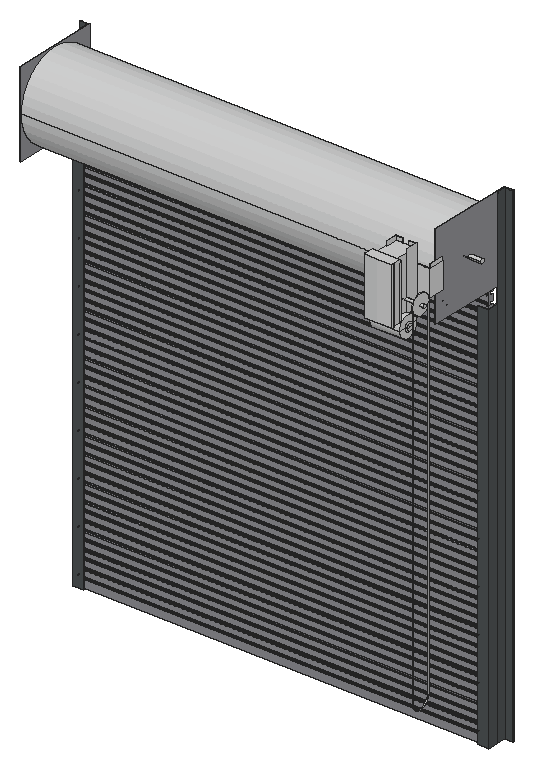
Revit family "Stormtite-AP-Rolling-Steel-Service-Doors_OHD_Model-627_compact", category Specialty Equipment, host Wall, Revit 2023 (continued)
Definition of nested family "Motor"
  Definition of nested family "2D_NotScalableMain_29e791da-3db9-4234-ab15-44456784202b"
    Lines and regions (in)
      Masking region 3, in view "Ref. Level", visible <- "Face Mount"
        outline origin (0, 0, 0) x (1, 0, 0) y (0, 1, 0)
          loop
            line (-3.108, 1.46193) -> (-2.988, 1.46193) -> (-2.988, 4.96193) -> (2.988, 4.96193) -> (2.988, 1.46193) -> (3.108, 1.46193) -> (3.108, 5.08193) -> (7.2495, 5.08193) -> (7.2495, 9.82193) -> (6.8795, 9.82193) -> (6.8795, 5.33193) -> (7.1295, 5.33193) -> (7.1295, 5.20193) -> (-2.988, 5.20193) -> (-2.988, 5.08193) -> (-3.108, 5.08193) -> (-3.108, 1.46193)
      Masking region 4, in view "Ref. Level", visible <- "Top + Bench"
        outline origin (0, 0, 0) x (1, 0, 0) y (0, 1, 0)
          loop
            line (-6.9985, -0.96741) -> (-5.7485, -0.96741) -> (-5.7485, -0.30491) -> (-5.5274, -0.30491) -> (-5.5274, -1.76746) -> (-5.42825, -1.86661) -> (-4.5757, -1.86661) -> (-4.5757, -3.22517) -> (4.57, -3.22517) -> (4.57, -1.27241) -> (4.799, -1.27241) -> (4.799, -0.84111) -> (5.199, -0.84111) -> (5.199, 0.84111) -> (4.799, 0.84111) -> (4.799, 1.27241) -> (4.57, 1.27241) -> (4.57, 3.22034) -> (4.3324, 3.22034) -> (4.3324, 6.13) -> (7.2495, 6.13) -> (7.2495, 3.53) -> (7.52, 3.53) -> (7.52, 6.13) -> (8.82, 6.13) -> (8.82, 6.93) -> (7.52, 6.93) -> (7.52, 9.53) -> (7.2495, 9.53) -> (7.2495, 6.93) -> (4.3324, 6.93) -> (4.3324, 19.24819) -> (3.108, 19.24819) -> (3.108, 20.0298) -> (0.988, 20.0298) -> (0.988, 19.24819) -> (-0.988, 19.24819) -> (-0.988, 20.0298) -> (-3.108, 20.0298) -> (-3.108, 19.24819) -> (-4.3324, 19.24819) -> (-4.3324, 3.22517) -> (-4.5757, 3.22517) -> (-4.5757, 1.86661) -> (-5.42825, 1.86661) -> (-5.5274, 1.76746) -> (-5.5274, 0.30491) -> (-5.7485, 0.30491) -> (-5.7485, 0.96741) -> (-6.9985, 0.96741) -> (-6.9985, -0.96741)
      Masking region 5, in view "Ref. Level", visible <- "Top Mount"
        outline origin (0, 0, 0) x (1, 0, 0) y (0, 1, 0)
          loop
            line (4.3324, 14.55771) -> (4.3324, 6.93) -> (7.2495, 6.93) -> (7.2495, 14.55771) -> (7.1295, 14.55771) -> (7.1295, 15.55771) -> (6.8795, 15.55771) -> (6.8795, 14.55771) -> (4.3324, 14.55771)
      Masking region 6, in view "Ref. Level", visible <- "Wall Mount"
        outline origin (0, 0, 0) x (1, 0, 0) y (0, 1, 0)
          loop
            line (-4.988, 4.96193) -> (-3.108, 4.96193) -> (-3.108, 1.46193) -> (-2.988, 1.46193) -> (-2.988, 5.08193) -> (-4.988, 5.08193) -> (-4.988, 4.96193)
          loop
            line (2.988, 1.46193) -> (3.108, 1.46193) -> (3.108, 4.96193) -> (4.988, 4.96193) -> (4.988, 5.08193) -> (2.988, 5.08193) -> (2.988, 1.46193)
      Masking region 7, in view "Ref. Level", visible <- "Bench Mount"
        outline origin (0, 0, 0) x (1, 0, 0) y (0, 1, 0)
          loop
            line (-7.24, 9.2698) -> (-7.1205, 9.2698) -> (-7.1205, 9.1098) -> (-4.3324, 9.1098) -> (-4.3324, 17.4298) -> (-7.1205, 17.4298) -> (-7.1205, 17.2698) -> (-7.24, 17.2698) -> (-7.24, 9.2698)
      Masking region 8, in view "Ref. Level", visible <- "Chain Hoist"
        outline origin (0, -6.98957, 0) x (1, 0, 0) y (0, 1, 0)
          loop
            line (4.7396, 6.58957) -> (7.2495, 6.58957) -> (7.2495, 3.98957) -> (7.52, 3.98957) -> (7.52, 6.58957) -> (8.82, 6.58957) -> (8.82, 7.38957) -> (7.52, 7.38957) -> (7.52, 9.98957) -> (7.2495, 9.98957) -> (7.2495, 7.38957) -> (4.7396, 7.38957) -> (4.7396, 6.58957)
      reference lines, in view "Ref. Level"
        curve 1: line (0, 0, 0) -> (0, 0.125, 0)
        curve 2: line (0, 0, 0) -> (0.125, 0, 0)
      detail lines, in view "Ref. Level", visible <- "Not Top + Bench"
        curve 3: line (7.2495, 4.19, 0) -> (7.2495, -1.81, 0)
        curve 4: line (7.52, 4.19, 0) -> (7.52, -1.81, 0)
        curve 5: line (-4.134, -2.29347, 0) -> (-4.134, -5.05565, 0)
        curve 6: line (4.116, -2.29347, 0) -> (4.116, -5.05565, 0)
        curve 7: line (-4.134, -2.41307, 0) -> (4.116, -2.41307, 0)
        curve 8: line (4.116, -2.29347, 0) -> (3.108, -2.29347, 0)
        curve 9: line (2.988, -2.17347, 0) -> (2.988, 4.96193, 0)
        curve 10: line (2.988, 4.96193, 0) -> (-2.988, 4.96193, 0)
        curve 11: line (-2.988, 4.96193, 0) -> (-2.988, -2.17347, 0)
        curve 12: arc (-2.988, -2.17347, 0) -> (-3.02315, -2.25832, 0) -> (-3.108, -2.29347, 0) r 0.12
        curve 13: arc (3.108, -2.29347, 0) -> (3.02315, -2.25832, 0) -> (2.988, -2.17347, 0) r 0.12
        curve 14: line (4.57, -3.22517, 0) -> (4.57, 0.77483, 0)
        curve 15: line (4.799, -1.27241, 0) -> (4.799, 0.77483, 0)
        curve 16: line (5.199, -0.84111, 0) -> (5.199, 0.77483, 0)
        curve 17: line (-4.5757, -3.22517, 0) -> (-4.5757, 3.22517, 0)
        curve 18: line (-5.42825, -1.86661, 0) -> (-5.42825, 1.86661, 0)
        curve 19: line (-5.5274, 1.76746, 0) -> (-5.5274, -1.76746, 0)
        curve 20: line (-5.7485, -0.96741, 0) -> (-5.7485, 0.96741, 0)
        curve 25: line (-4.116, -2.29347, 0) -> (-3.108, -2.29347, 0)
        curve 26: line (5.199, 0.77483, 0) -> (2.988, 0.77483, 0)
        curve 27: line (4.57, 1.59, 0) -> (3.108, 1.59, 0)
      detail lines, in view "Ref. Level", visible <- "Fire King Face Mount"
        curve 21: circle (0, 1.59, 0) r 1.29967 normal (0, 0, 1)
        curve 22: circle (0, 1.59, 0) r 0.87193 normal (0, 0, 1)
        curve 23: line (-2.988, 7.80693, 0) -> (2.988, 7.80693, 0)
        curve 24: line (-2.988, 7.685, 0) -> (2.988, 7.685, 0)
      detail lines, in view "Ref. Level", visible <- "Top + Bench"
        curve 28: line (-4.5757, -3.22517, 0) -> (-4.5757, 3.22517, 0)
        curve 29: line (-5.42825, 1.86661, 0) -> (-5.42825, -1.86661, 0)
        curve 30: line (-5.5274, 1.76746, 0) -> (-5.5274, -1.76746, 0)
        curve 31: line (-5.7485, -0.96741, 0) -> (-5.7485, 0.96741, 0)
        curve 32: line (-4.3324, 1.8898, 0) -> (-4.3324, 19.24819, 0)
        curve 33: line (-4.3324, 1.8898, 0) -> (4.3324, 1.8898, 0)
        curve 34: line (4.3324, 1.8898, 0) -> (4.3324, 19.24819, 0)
        curve 35: line (4.57, 3.22517, 0) -> (4.57, -3.22517, 0)
        curve 36: line (4.799, 1.27241, 0) -> (4.799, -1.22759, 0)
        curve 41: line (2.988, 20.0298, 0) -> (2.988, 19.24819, 0)
        curve 42: line (-2.988, 20.0298, 0) -> (-2.988, 19.24819, 0)
        curve 43: line (-3.108, 19.24819, 0) -> (-0.988, 19.24819, 0)
        curve 44: line (0.988, 19.24819, 0) -> (3.108, 19.24819, 0)
      detail lines, in view "Ref. Level", visible <- "Chain Hoist"
        curve 37: line (7.2495, 3, 0) -> (7.2495, -3, 0)
        curve 38: line (7.52, -3, 0) -> (7.52, 3, 0)
      detail lines, in view "Ref. Level", visible <- "Bench Mount"
        curve 39: line (-7.1205, 17.4298, 0) -> (-7.1205, 9.1098, 0)
        curve 40: line (-6.9985, 17.4298, 0) -> (-6.9985, 9.1098, 0)
    Dimensions and locks (in)
      curve 1 to curve 1 = 1/8"
      curve 2 to curve 2 = 1/8"
      aligned and locked: plane 1 "Center (Front/Back)" to curve 1
      aligned and locked: plane 3 "Center (Left/Right)" to curve 1
      aligned and locked: plane 1 "Center (Front/Back)" to curve 2
Definition of nested family "627"
  Parameters (values of type "Vision lites 1”x10” - Brown")
    Void Offset [instance] = if(Integrated Cutout, 0", 2")  # 2 1/4"
    Void Height [instance] = 1 1/2"  # constant formula
    Standard = no
    Slat Width [instance] = 1 1/2"  # constant formula
    Slat Position + Offset [instance] = Slat Position + Cutout Vertical Offset  # 14.491"
    Slat Position [instance] = 2.63" * 5  # 13.15"
    Slat Option [instance] = 3
    Rough Height = 0"
    Perforation = no
    Fenestration Small = no
    Fenestration Large = yes
    Cutout Width Offset [instance] = 1"  # constant formula
    Cutout Material 2 = none
    Cutout Horizontal Offset [instance] = 1"  # constant formula
    Cutout Material = none
    Panel Material = none
    Opening Width [instance] = 126"
    Cutout Vertical Offset [instance] = 1.341"  # constant formula
    F 265, FE 265 [instance] = if(Slat Option > 2, 1 = 1, 1 = 2)  # yes
    Default Elevation = 48"
    Integrated Cutout [instance] = if(and(or(Perforation, Fenestration Small), Slat Option > 1), 1 = 1, if(and(Fenestration Large, Slat Option > 2), 1 = 1, 1 = 2))  # yes
    C 275 [instance] = if(Slat Option = 2, 1 = 1, 1 = 2)  # no
    C 187 Standard [instance] = if(Slat Option < 2, 1 = 1, 1 = 2)  # no
    Analytic Construction = "<None>"
  Types (8): name | Void Offset | Standard | Fenestration Large | Integrated Cutout
    Standard - White | 2" | yes | no | no
    Standard - Tan | 2" | yes | no | no
    Standard - Brown | 2" | yes | no | no
    Standard - Gray | 2" | yes | no | no
    Vision lites 1”x10” - White | 2 1/4" | no | yes | yes
    Vision lites 1”x10” - Tan | 2 1/4" | no | yes | yes
    Vision lites 1”x10” - Gray | 2 1/4" | no | yes | yes
    Vision lites 1”x10” - Brown | 2 1/4" | no | yes | yes
  Reference planes (in)
    plane 1 "Center (Front/Back)": y = 0
    plane 2: z = 0
    plane 3 "Center (Left/Right)": x = 0
    plane 4: x = -63
    plane 5: x = 63
    plane 6: y = 1.5
    plane 7: y = 0
    plane 8: y = 0.75
    plane 9: x = -62
    plane 10: x = 62
    plane 11: z = 1.341
    plane 12: z = 3.971
    plane 13: z = 6.601
    plane 14: z = 9.231
    plane 15: z = 11.861
    plane 16: y = 3
  Forms (in)
    Extrusion 1, solid, material <- "Panel Material", visible <- "F 265, FE 265"
      sketch origin (0, -4.98186, 13.12534) x (0, 1, 0) y (0, 0, 1)
        loop
          arc (5.45292, -0.19368) -> (5.39447, 0.21742) -> (5.19886, -0.14885) r 0.21842
          line (5.19886, -0.14885) -> (5.00017, -0.34755)
          arc (5.00017, -0.34755) -> (4.98662, -0.36783) -> (4.98186, -0.39174) r 0.0625
          line (4.98186, -0.39174) -> (4.98186, -2.16267)
          arc (4.98186, -2.16267) -> (4.98426, -2.18702) -> (4.99135, -2.21045) r 0.125
          line (4.99135, -2.21045) -> (5.14325, -2.57763)
          arc (5.14325, -2.57763) -> (5.14677, -2.68295) -> (5.19886, -2.77455) r 0.22006
          line (5.19886, -2.77455) -> (5.00018, -2.97308)
          arc (5.00018, -2.97308) -> (4.98662, -2.99336) -> (4.98186, -3.01729) r 0.0625
          line (4.98186, -3.01729) -> (4.98186, -4.78837)
          arc (4.98186, -4.78837) -> (4.98426, -4.81272) -> (4.99135, -4.83615) r 0.125
          line (4.99135, -4.83615) -> (5.14325, -5.20333)
          arc (5.14325, -5.20333) -> (5.14677, -5.30865) -> (5.19886, -5.40025) r 0.22006
          line (5.19886, -5.40025) -> (5.00018, -5.59878)
          arc (5.00018, -5.59878) -> (4.98662, -5.61906) -> (4.98186, -5.64299) r 0.0625
          line (4.98186, -5.64299) -> (4.98186, -7.41407)
          arc (4.98186, -7.41407) -> (4.98426, -7.43843) -> (4.99135, -7.46185) r 0.125
          line (4.99135, -7.46185) -> (5.14325, -7.82903)
          arc (5.14325, -7.82903) -> (5.14677, -7.93435) -> (5.19886, -8.02595) r 0.22006
          line (5.19886, -8.02595) -> (5.00018, -8.22448)
          arc (5.00018, -8.22448) -> (4.98662, -8.24476) -> (4.98186, -8.26869) r 0.0625
          line (4.98186, -8.26869) -> (4.98186, -10.03977)
          arc (4.98186, -10.03977) -> (4.98426, -10.06413) -> (4.99135, -10.08755) r 0.125
          line (4.99135, -10.08755) -> (5.14325, -10.45473)
          arc (5.14325, -10.45473) -> (5.14677, -10.56005) -> (5.19886, -10.65165) r 0.22006
          line (5.19886, -10.65165) -> (5.00018, -10.85018)
          arc (5.00018, -10.85018) -> (4.98662, -10.87046) -> (4.98186, -10.89439) r 0.0625
          line (4.98186, -10.89439) -> (4.98186, -12.73128)
          arc (4.98186, -12.73128) -> (4.98662, -12.7552) -> (5.00017, -12.77547) r 0.0625
          line (5.00017, -12.77547) -> (5.19886, -12.97417)
          arc (5.19886, -12.97417) -> (5.39447, -13.34044) -> (5.45292, -12.92935) r 0.21842
          line (5.45292, -12.92935) -> (5.58628, -12.79599)
          arc (5.58628, -12.79599) -> (5.60655, -12.78244) -> (5.63047, -12.77768) r 0.0625
          line (5.63047, -12.77768) -> (6.41936, -12.77768)
          arc (6.41936, -12.77768) -> (6.46355, -12.75937) -> (6.48186, -12.71518) r 0.0625
          line (6.48186, -12.71518) -> (6.48186, -10.91065)
          arc (6.48186, -10.91065) -> (6.46355, -10.86645) -> (6.41936, -10.84815) r 0.0625
          line (6.41936, -10.84815) -> (5.63047, -10.84815)
          arc (5.63047, -10.84815) -> (5.60655, -10.84339) -> (5.58628, -10.82984) r 0.0625
          line (5.58628, -10.82984) -> (5.45292, -10.69648)
          arc (5.45292, -10.69648) -> (5.56742, -10.5584) -> (5.53991, -10.38115) r 0.21842
          line (5.53991, -10.38115) -> (5.53991, -10.1271)
          arc (5.53991, -10.1271) -> (5.55821, -10.08291) -> (5.60241, -10.0646) r 0.0625
          line (5.60241, -10.0646) -> (6.41936, -10.0646)
          arc (6.41936, -10.0646) -> (6.46355, -10.0463) -> (6.48186, -10.0021) r 0.0625
          line (6.48186, -10.0021) -> (6.48186, -8.28495)
          arc (6.48186, -8.28495) -> (6.46355, -8.24075) -> (6.41936, -8.22245) r 0.0625
          line (6.41936, -8.22245) -> (5.63047, -8.22245)
          arc (5.63047, -8.22245) -> (5.60655, -8.21769) -> (5.58628, -8.20414) r 0.0625
          line (5.58628, -8.20414) -> (5.45292, -8.07078)
          arc (5.45292, -8.07078) -> (5.56742, -7.9327) -> (5.53991, -7.75545) r 0.21842
          line (5.53991, -7.75545) -> (5.53991, -7.5014)
          arc (5.53991, -7.5014) -> (5.55821, -7.45721) -> (5.60241, -7.4389) r 0.0625
          line (5.60241, -7.4389) -> (6.41936, -7.4389)
          arc (6.41936, -7.4389) -> (6.46355, -7.4206) -> (6.48186, -7.3764) r 0.0625
          line (6.48186, -7.3764) -> (6.48186, -5.65925)
          arc (6.48186, -5.65925) -> (6.46355, -5.61505) -> (6.41936, -5.59675) r 0.0625
          line (6.41936, -5.59675) -> (5.63047, -5.59675)
          arc (5.63047, -5.59675) -> (5.60655, -5.59199) -> (5.58628, -5.57844) r 0.0625
          line (5.58628, -5.57844) -> (5.45292, -5.44508)
          arc (5.45292, -5.44508) -> (5.56742, -5.307) -> (5.53991, -5.12975) r 0.21842
          line (5.53991, -5.12975) -> (5.53991, -4.8757)
          arc (5.53991, -4.8757) -> (5.55821, -4.83151) -> (5.60241, -4.8132) r 0.0625
          line (5.60241, -4.8132) -> (6.41936, -4.8132)
          arc (6.41936, -4.8132) -> (6.46355, -4.79489) -> (6.48186, -4.7507) r 0.0625
          line (6.48186, -4.7507) -> (6.48186, -3.03354)
          arc (6.48186, -3.03354) -> (6.46355, -2.98935) -> (6.41936, -2.97104) r 0.0625
          line (6.41936, -2.97104) -> (5.63047, -2.97104)
          arc (5.63047, -2.97104) -> (5.60655, -2.96629) -> (5.58628, -2.95274) r 0.0625
          line (5.58628, -2.95274) -> (5.45292, -2.81938)
          arc (5.45292, -2.81938) -> (5.56742, -2.6813) -> (5.53991, -2.50405) r 0.21842
          line (5.53991, -2.50405) -> (5.53991, -2.25)
          arc (5.53991, -2.25) -> (5.55821, -2.20581) -> (5.60241, -2.1875) r 0.0625
          line (5.60241, -2.1875) -> (6.41936, -2.1875)
          arc (6.41936, -2.1875) -> (6.46355, -2.16919) -> (6.48186, -2.125) r 0.0625
          line (6.48186, -2.125) -> (6.48186, -0.40784)
          arc (6.48186, -0.40784) -> (6.46355, -0.36365) -> (6.41936, -0.34534) r 0.0625
          line (6.41936, -0.34534) -> (5.63047, -0.34534)
          arc (5.63047, -0.34534) -> (5.60655, -0.34059) -> (5.58628, -0.32704) r 0.0625
          line (5.58628, -0.32704) -> (5.45292, -0.19368)
      from -63 to 63
    Extrusion 2, void
      sketch origin (0, 0, 0) x (0, 1, 0) y (0, 0, 1)
        loop
          line (2.25, 12.611) -> (2.25, 11.111) -> (3.75, 11.111) -> (3.75, 12.611) -> (2.25, 12.611)
        loop
          line (2.25, 9.981) -> (2.25, 8.481) -> (3.75, 8.481) -> (3.75, 9.981) -> (2.25, 9.981)
        loop
          line (2.25, 7.351) -> (2.25, 5.851) -> (3.75, 5.851) -> (3.75, 7.351) -> (2.25, 7.351)
        loop
          line (2.25, 4.721) -> (2.25, 3.221) -> (3.75, 3.221) -> (3.75, 4.721) -> (2.25, 4.721)
        loop
          line (2.25, 2.091) -> (2.25, 0.591) -> (3.75, 0.591) -> (3.75, 2.091) -> (2.25, 2.091)
      from -62 to 62
  Cuts and joins
    Extrusion 2 cuts Extrusion 1
  Lines and regions (in)
    reference lines
      curve 1: line (0, -4.98186, 12.78) -> (0, 10.2077, 12.78)
  Dimensions and locks (in)
    equal spacing: plane 4, plane 3 "Center (Left/Right)", plane 5
    "Opening Width": plane 4 to plane 5
    "Slat Width": plane 1 "Center (Front/Back)" to plane 6
    equal spacing: plane 1 "Center (Front/Back)", plane 8, plane 6
    "Cutout Width Offset": plane 4 to plane 9
    "Cutout Width Offset": plane 5 to plane 10
    locked: curve 1 to curve 1 at 15.18956
    locked: plane 12 to plane 11 at 2.63
    locked: plane 13 to plane 12 at 2.63
    locked: plane 14 to plane 13 at 2.63
    locked: plane 15 to plane 14 at 2.63
    locked: plane 11 to level at 1.341
    locked: curve 1 to level at 12.78
    "Void Offset": plane 8 to plane 16
    locked: Extrusion 2 sketch curve to plane 16 at 0.75
    locked: plane 16 to Extrusion 2 sketch curve at 0.75
    equal spacing: Extrusion 2 sketch curve, plane 15, Extrusion 2 sketch curve
    equal spacing: Extrusion 2 sketch curve, plane 14, Extrusion 2 sketch curve
    equal spacing: Extrusion 2 sketch curve, plane 13, Extrusion 2 sketch curve
    equal spacing: Extrusion 2 sketch curve, plane 12, Extrusion 2 sketch curve
    equal spacing: Extrusion 2 sketch curve, plane 11, Extrusion 2 sketch curve
    locked: Extrusion 2 sketch curve to Extrusion 2 sketch curve at 1.5  (x5)
    aligned and locked: plane 2 to level
    aligned and locked: plane 1 "Center (Front/Back)" to plane 7
    aligned and locked: plane 5 to Extrusion 1
    aligned and locked: plane 4 to Extrusion 1
    aligned and locked: plane 8 to nested 5
    aligned and locked: plane 8 to nested 4
    aligned and locked: plane 8 to nested 3
    aligned and locked: plane 8 to nested 1
    aligned and locked: plane 8 to nested 2
    aligned and locked: plane 3 "Center (Left/Right)" to nested 2
    aligned and locked: plane 3 "Center (Left/Right)" to nested 1
    aligned and locked: plane 3 "Center (Left/Right)" to nested 3
    aligned and locked: plane 3 "Center (Left/Right)" to nested 4
    aligned and locked: plane 3 "Center (Left/Right)" to nested 5
    aligned and locked: Extrusion 2 sketch curve to Extrusion 2 sketch curve  (x8)
    aligned and locked: plane 9 to Extrusion 2
    aligned and locked: plane 10 to Extrusion 2
  Automatic sketch dimensions
    plane 1 "Center (Front/Back)" to curve 1 = 4.98186"
    curve 1 to Extrusion 1 sketch curve = 0"
    curve 1 to Extrusion 1 sketch curve = 4.98186"  (x2)
    curve 1 to Extrusion 1 sketch curve = 0.0464"
    Extrusion 1 sketch curve to Extrusion 1 sketch curve = 0"  (x9)
    curve 1 to Extrusion 1 sketch curve = 1.8651"
    Extrusion 1 sketch curve to Extrusion 1 sketch curve = 0.00949"  (x4)
    curve 1 to Extrusion 1 sketch curve = 4.49081"
    Extrusion 1 sketch curve to Extrusion 1 sketch curve = 0.01831"  (x3)
    curve 1 to Extrusion 1 sketch curve = 0.00221"
    Extrusion 1 sketch curve to Extrusion 1 sketch curve = 0.01832"  (x4)
    curve 1 to Extrusion 1 sketch curve = 2.62774"
    Extrusion 1 sketch curve to Extrusion 1 sketch curve = 0.04418"  (x3)
    Extrusion 1 sketch curve to Extrusion 1 sketch curve = 1/16"  (x11)
    Extrusion 1 sketch curve to Extrusion 1 sketch curve = 0.11551"  (x3)
    Extrusion 1 sketch curve to Extrusion 1 sketch curve = 1/8"
    Extrusion 1 sketch curve to Extrusion 1 sketch curve = 0.1519"  (x2)
    curve 1 to Extrusion 1 sketch curve = 2.23228"
    curve 1 to Extrusion 1 sketch curve = 4.85798"
    Extrusion 1 sketch curve to Extrusion 1 sketch curve = 0.1987"
    Extrusion 1 sketch curve to Extrusion 1 sketch curve = 0.05561"  (x3)
    Extrusion 1 sketch curve to curve 1 = 0.19649"
    curve 1 to Extrusion 1 sketch curve = 2.42921"
    Extrusion 1 sketch curve to Extrusion 1 sketch curve = 0.15765"  (x2)
    Extrusion 1 sketch curve to Extrusion 1 sketch curve = 0.21361"  (x4)
    Extrusion 1 sketch curve to Extrusion 1 sketch curve = 0.0017"  (x4)
    curve 1 to Extrusion 1 sketch curve = 2.47403"
    Extrusion 1 sketch curve to Extrusion 1 sketch curve = 0.09436"  (x4)
    Extrusion 1 sketch curve to curve 1 = 0.15167"
    Extrusion 1 sketch curve to Extrusion 1 sketch curve = 0.0964"  (x2)
    Extrusion 1 sketch curve to Extrusion 1 sketch curve = 0.18135"  (x4)
    Extrusion 1 sketch curve to Extrusion 1 sketch curve = 0.13336"  (x6)
    Extrusion 1 sketch curve to curve 1 = 0.01831"
    Extrusion 1 sketch curve to Extrusion 1 sketch curve = 0.04419"  (x6)
    Extrusion 1 sketch curve to Extrusion 1 sketch curve = 0.81695"  (x2)
    Extrusion 1 sketch curve to Extrusion 1 sketch curve = 0.78889"  (x4)
    curve 1 to Extrusion 1 sketch curve = 1/16"
    Extrusion 1 sketch curve to Extrusion 1 sketch curve = 0.04551"
    Extrusion 1 sketch curve to Extrusion 1 sketch curve = 0.00008"  (x4)
    Extrusion 1 sketch curve to Extrusion 1 sketch curve = 0.19624"
    Extrusion 1 sketch curve to Extrusion 1 sketch curve = 0.08917"  (x3)
    Extrusion 1 sketch curve to Extrusion 1 sketch curve = 1.71716"  (x2)
    Extrusion 1 sketch curve to Extrusion 1 sketch curve = 0.02483"
    Extrusion 1 sketch curve to Extrusion 1 sketch curve = 0.25405"  (x4)
    Extrusion 1 sketch curve to Extrusion 1 sketch curve = 0.11909"  (x2)
    Extrusion 1 sketch curve to Extrusion 1 sketch curve = 1.80453"
    Extrusion 1 sketch curve to Extrusion 1 sketch curve = 0.0464"
    Extrusion 1 sketch curve to Extrusion 1 sketch curve = 0.21417"
    Extrusion 1 sketch curve to Extrusion 1 sketch curve = 0.04559"
  Nested families (in)
    nested 1: "Perforation" at (0, 0.75, 9.231), visible <- "Integrated Cutout", type "Perforation"
      with Thickness 1 1/2", Opening Width 126", Height 1 1/2"
    nested 2: "Perforation" at (0, 0.75, 11.861), visible <- "Integrated Cutout", type "Perforation"
      with Thickness 1 1/2", Opening Width 126", Height 1 1/2"
    nested 3: "Perforation" at (0, 0.75, 6.601), visible <- "Integrated Cutout", type "Perforation"
      with Thickness 1 1/2", Opening Width 126", Height 1 1/2"
    nested 4: "Perforation" at (0, 0.75, 3.971), visible <- "Integrated Cutout", type "Perforation"
      with Thickness 1 1/2", Opening Width 126", Height 1 1/2"
    nested 5: "Perforation" at (0, 0.75, 1.341), visible <- "Integrated Cutout", type "Perforation"
      with Thickness 1 1/2", Opening Width 126", Height 1 1/2"
  Definition of nested family "Perforation"
    Parameters (values of type "Perforation")
      Thickness = 0.06"
      Perforation = none
      Opening Width = 123 5/8"
      Offset = 1"
      Height = 1"
      Default Elevation = 48"
    Reference planes (in)
      plane 1 "Center (Front/Back)": y = 0
      plane 2: z = 0
      plane 3 "Center (Left/Right)": x = 0
      plane 4: z = 0.5
      plane 5: z = -0.5
      plane 6: y = -0.03
      plane 7: y = 0.03
      plane 8: x = -61.8125
      plane 9: x = 61.8125
      plane 10: x = -60.8125
      plane 11: x = 60.8125
    Forms (in)
      Extrusion 1, solid, material <- "Perforation"
        sketch origin (0, -0.19, 0) x (0, 1, 0) y (0, 0, 1)
          loop
            line (0.16, 0.5) -> (0.16, -0.5) -> (0.22, -0.5) -> (0.22, 0.5) -> (0.16, 0.5)
        from -60.8125 to 60.8125
    Dimensions and locks (in)
      equal spacing: plane 4, level, plane 5
      "Height": plane 4 to plane 5
      equal spacing: plane 6, plane 1 "Center (Front/Back)", plane 7
      "Thickness": plane 6 to plane 7
      "Opening Width": plane 8 to plane 9
      "Offset": plane 8 to plane 10
      "Offset": plane 9 to plane 11
      equal spacing: plane 8, plane 3 "Center (Left/Right)", plane 9
      aligned and locked: plane 2 to level
      aligned and locked: plane 4 to Extrusion 1
      aligned and locked: Extrusion 1 to plane 5
      aligned and locked: plane 6 to Extrusion 1
      aligned and locked: plane 7 to Extrusion 1
      aligned and locked: Extrusion 1 to plane 10
      aligned and locked: plane 11 to Extrusion 1
    Automatic sketch dimensions
      Extrusion 1 sketch curve to level = 1/2"
      plane 1 "Center (Front/Back)" to Extrusion 1 sketch curve = 0.03"
      Extrusion 1 sketch curve to plane 1 "Center (Front/Back)" = 0.03"
      plane 4 to Extrusion 1 sketch curve = 0"
Definition of nested family "Label Annotation 1"
  Parameters (values of type "Label Annotation 1-8")
    Label = "Area is too big. Please reduce Door Size."
  Reference planes (in)
    plane 1: y = 0
    plane 2: x = 0
  Text (in)
    label "Label" at (0.00375, -0.00345, 0), shows "Label"
Definition of nested family "Warning Sign"
  Parameters (values of type "Warning Sign")
    Warning Sign [instance] = no
    Default Elevation = 48"
  Reference planes (in)
    plane 1 "Center (Front/Back)": y = 0
    plane 2: z = 0
    plane 3 "Center (Left/Right)": x = 0
    plane 4: y = 0.5
    plane 5: y = -0.5
    plane 6: y = 1
    plane 7: y = 0.25
  Lines and regions (in)
    model lines
      curve 1: line (-2.26129, 1, 45.69444) -> (-26.3817, 1, 3.91667)
      curve 2: line (-25.25106, 1, 3.26389) -> (-1.13064, 1, 45.04167)
      curve 3: arc (2.26129, 1, 45.69444) -> (0, 1, 47) -> (-2.26129, 1, 45.69444) r 2.61111
      curve 4: arc (-1.13064, 1, 45.04167) -> (0, 1, 45.69444) -> (1.13064, 1, 45.04167) r 1.30556
      curve 5: line (1.13064, 1, 45.04167) -> (25.25106, 1, 3.26389)
      curve 6: line (26.3817, 1, 3.91667) -> (2.26129, 1, 45.69444)
      curve 7: arc (25.25106, 1, 3.26389) -> (25.25106, 1, 1.95833) -> (24.12041, 1, 1.30556) r 1.30556
      curve 8: arc (24.12041, 1, 0) -> (26.3817, 1, 1.30556) -> (26.3817, 1, 3.91667) r 2.61111
      curve 9: line (24.12041, 1, 1.30556) -> (-24.12041, 1, 1.30556)
      curve 10: line (-24.12041, 1, 0) -> (24.12041, 1, 0)
      curve 11: arc (-24.12041, 1, 1.30556) -> (-25.25106, 1, 1.95833) -> (-25.25106, 1, 3.26389) r 1.30556
      curve 12: arc (-26.3817, 1, 3.91667) -> (-26.3817, 1, 1.30556) -> (-24.12041, 1, 0) r 2.61111
      curve 13: arc (-2.29479, 1, 8.63537) -> (0, 1, 6.34057) -> (2.29479, 1, 8.63537) r 2.29479
      curve 14: arc (2.29479, 1, 8.63537) -> (0, 1, 10.93016) -> (-2.29479, 1, 8.63537) r 2.29479
      curve 15: arc (-1.6331, 1, 13.97069) -> (0.03439, 1, 12.53727) -> (1.69278, 1, 13.98121) r 1.68043
      curve 16: line (-3.77413, 1, 28.37873) -> (-1.6331, 1, 13.97069)
      curve 17: line (1.69278, 1, 13.98121) -> (3.73924, 1, 28.37873)
      curve 18: arc (3.73924, 1, 28.37873) -> (-0.01745, 1, 32.13541) -> (-3.77413, 1, 28.37873) r 3.75668
      curve 19: line (-2.26129, -0.5, 45.69444) -> (-26.3817, -0.5, 3.91667)
      curve 20: line (-25.25106, -0.5, 3.26389) -> (-1.13064, -0.5, 45.04167)
      curve 21: arc (2.26129, -0.5, 45.69444) -> (0, -0.5, 47) -> (-2.26129, -0.5, 45.69444) r 2.61111
      curve 22: arc (-1.13064, -0.5, 45.04167) -> (0, -0.5, 45.69444) -> (1.13064, -0.5, 45.04167) r 1.30556
      curve 23: line (1.13064, -0.5, 45.04167) -> (25.25106, -0.5, 3.26389)
      curve 24: line (26.3817, -0.5, 3.91667) -> (2.26129, -0.5, 45.69444)
      curve 25: arc (25.25106, -0.5, 3.26389) -> (25.25106, -0.5, 1.95833) -> (24.12041, -0.5, 1.30556) r 1.30556
      curve 26: arc (24.12041, -0.5, 0) -> (26.3817, -0.5, 1.30556) -> (26.3817, -0.5, 3.91667) r 2.61111
      curve 27: line (24.12041, -0.5, 1.30556) -> (-24.12041, -0.5, 1.30556)
      curve 28: line (-24.12041, -0.5, 0) -> (24.12041, -0.5, 0)
      curve 29: arc (-24.12041, -0.5, 1.30556) -> (-25.25106, -0.5, 1.95833) -> (-25.25106, -0.5, 3.26389) r 1.30556
      curve 30: arc (-26.3817, -0.5, 3.91667) -> (-26.3817, -0.5, 1.30556) -> (-24.12041, -0.5, 0) r 2.61111
      curve 31: arc (-2.29479, -0.5, 8.63537) -> (0, -0.5, 6.34057) -> (2.29479, -0.5, 8.63537) r 2.29479
      curve 32: arc (2.29479, -0.5, 8.63537) -> (0, -0.5, 10.93016) -> (-2.29479, -0.5, 8.63537) r 2.29479
      curve 33: arc (-1.6331, -0.5, 13.97069) -> (0.03439, -0.5, 12.53727) -> (1.69278, -0.5, 13.98121) r 1.68043
      curve 34: line (-3.77413, -0.5, 28.37873) -> (-1.6331, -0.5, 13.97069)
      curve 35: line (1.69278, -0.5, 13.98121) -> (3.73924, -0.5, 28.37873)
      curve 36: arc (3.73924, -0.5, 28.37873) -> (-0.01745, -0.5, 32.13541) -> (-3.77413, -0.5, 28.37873) r 3.75668
  Dimensions and locks (in)
    locked: plane 1 "Center (Front/Back)" to plane 4 at 0.5
    equal spacing: plane 1 "Center (Front/Back)", plane 7, plane 4
    locked: plane 4 to plane 6 at 0.5
    locked: plane 5 to plane 1 "Center (Front/Back)" at 0.5
    aligned and locked: plane 2 to level
  Automatic sketch dimensions
    curve 21 to curve 22 = 0"  (x2)
    curve 25 to curve 26 = 0"  (x2)
    curve 29 to curve 30 = 0"  (x2)
    curve 31 to curve 32 = 0"  (x2)
    curve 21 to plane 3 "Center (Left/Right)" = 0"
    curve 31 to plane 3 "Center (Left/Right)" = 0"
    curve 30 to level = 0"
    level to curve 27 = 1.30556"
    curve 26 to curve 27 = 1.30556"
    curve 29 to curve 27 = 1.30556"
    curve 23 to curve 25 = 0.65278"
    curve 20 to curve 29 = 0.65278"
    curve 24 to curve 23 = 0.65278"
    curve 19 to curve 20 = 0.65278"
    level to curve 32 = 8.63537"
    curve 34 to plane 3 "Center (Left/Right)" = 1.6331"
    curve 34 to curve 31 = 5.33532"
    plane 3 "Center (Left/Right)" to curve 35 = 1.69278"
    curve 35 to curve 34 = 0.01052"
    plane 3 "Center (Left/Right)" to curve 33 = 0.02908"
    curve 36 to plane 3 "Center (Left/Right)" = 0.01745"
    curve 36 to curve 33 = 14.16104"
    curve 22 to curve 36 = 16.01016"
    plane 3 "Center (Left/Right)" to curve 23 = 1.13064"
    curve 23 to curve 21 = 0.65278"
    curve 20 to plane 3 "Center (Left/Right)" = 1.13064"
    plane 3 "Center (Left/Right)" to curve 24 = 2.26129"
    curve 24 to curve 22 = 0.65278"
    curve 19 to plane 3 "Center (Left/Right)" = 2.26129"
    curve 34 to curve 36 = 3.75668"
    curve 30 to plane 3 "Center (Left/Right)" = 24.12041"
    plane 3 "Center (Left/Right)" to curve 25 = 24.12041"
    curve 31 to curve 31 = 2.29479"
    curve 3 to curve 4 = 0"  (x2)
    curve 7 to curve 8 = 0"  (x2)
    curve 11 to curve 12 = 0"  (x2)
    curve 13 to curve 14 = 0"  (x2)
    curve 3 to plane 3 "Center (Left/Right)" = 0"
    curve 13 to plane 3 "Center (Left/Right)" = 0"
    curve 12 to level = 0"
    level to curve 9 = 1.30556"
    curve 8 to curve 9 = 1.30556"
    curve 11 to curve 9 = 1.30556"
    curve 5 to curve 7 = 0.65278"
    curve 2 to curve 11 = 0.65278"
    curve 6 to curve 5 = 0.65278"
    curve 1 to curve 2 = 0.65278"
    level to curve 14 = 8.63537"
    curve 16 to plane 3 "Center (Left/Right)" = 1.6331"
    curve 16 to curve 13 = 5.33532"
    plane 3 "Center (Left/Right)" to curve 17 = 1.69278"
    curve 17 to curve 16 = 0.01052"
    plane 3 "Center (Left/Right)" to curve 15 = 0.02908"
    curve 18 to plane 3 "Center (Left/Right)" = 0.01745"
    curve 18 to curve 15 = 14.16104"
    curve 4 to curve 18 = 16.01016"
    plane 3 "Center (Left/Right)" to curve 5 = 1.13064"
    curve 5 to curve 3 = 0.65278"
    curve 2 to plane 3 "Center (Left/Right)" = 1.13064"
    plane 3 "Center (Left/Right)" to curve 6 = 2.26129"
    curve 6 to curve 4 = 0.65278"
    curve 1 to plane 3 "Center (Left/Right)" = 2.26129"
    curve 16 to curve 18 = 3.75668"
    curve 12 to plane 3 "Center (Left/Right)" = 24.12041"
    plane 3 "Center (Left/Right)" to curve 7 = 24.12041"
    curve 13 to curve 13 = 2.29479"
Types (6): name | Voltage | Operator Visibility | Number of Poles | Hood Offset | Headroom Height Real | Headroom Height | Door Height True | Door Height (Real) | Floor To (CL) of Shaft | Chain Hoist or Manual | Connector Array | Calculated Area | Apparent Load Phase 3 | Apparent Load Phase 2 | Apparent Load Phase 1
  115 volts, one phase, 60 Hz (110-120V range) | 115 V | yes | 1 | 5" | 31" | 31" | 151" | 125" | 138" | no | 3 | 104.601 SF | 0 VA | 0 VA | 2300 VA
  Chain Hoist | 115 V | yes | 1 | 3" | 29" | 29" | 149" | 123" | 136" | yes | 2 | 102.927 SF | 0 VA | 0 VA | 2300 VA
  Manual push-up | 115 V | no | 1 | 3" | 29" | 29" | 149" | 123" | 136" | yes | 2 | 102.927 SF | 0 VA | 0 VA | 2300 VA
  230 volts, three phase, 60 Hz (208-245V range) | 230 V | yes | 3 | 5" | 31" | 31" | 151" | 125" | 138" | no | 3 | 104.601 SF | 2655.81 VA | 2655.81 VA | 2655.81 VA
  230 volts, single phase, 60 Hz (208-245V range) | 230 V | yes | 1 | 5" | 31" | 31" | 151" | 125" | 138" | no | 3 | 104.601 SF | 0 VA | 0 VA | 4600 VA
  460 volts, three phase, 60 Hz (456-495V range) | 460 V | yes | 3 | 5" | 31" | 31" | 151" | 125" | 138" | no | 3 | 104.601 SF | 5311.62 VA | 5311.62 VA | 5311.62 VA
